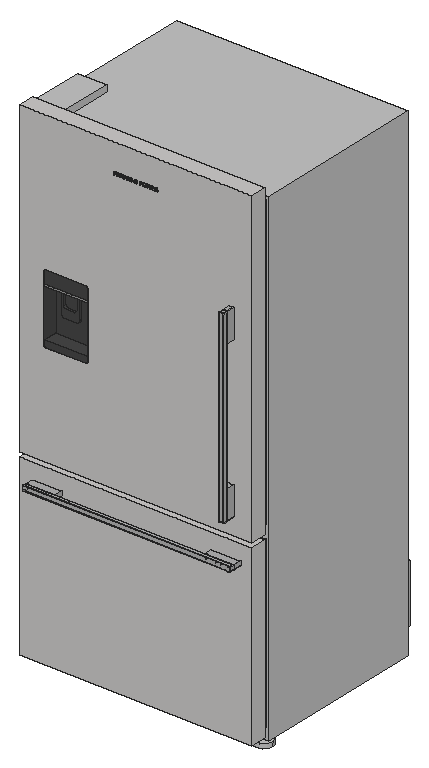
Revit family "FP-Revit18-RF522WDLUX5-Fridges", category Specialty Equipment, Revit 2018
Family settings
  Round Connector Dimension = Use Diameter
  Part Type = Normal
  OmniClass Number = 23.40.40.11.11.17
  OmniClass Title = Refrigerator-Freezer
  Work Plane-Based = No
  Always vertical = Yes
  Cut with Voids When Loaded = Yes
  Shared = No
  Room Calculation Point = No
Parameters (values of type "RF522WDLUX5")
  Visibility - Contemporary square handle = yes
  Visibility - Contemporary round handle = no
  Visibility - Clearance Required = yes
  URL = "www.fisherpaykel.com"
  Product - Width = 790 mm  # constant formula
  Product - Height = 1720 mm  # constant formula
  Product - Depth = 737 mm  # constant formula
  Model = "RF522WDLUX5"
  Material - Logo = Fisher & Paykel - Steel, Chrome Plated
  Material - Handle = Fisher & Paykel - Aluminium
  Material - Door Structure = Fisher & Paykel - White
  Material - Door Front = Fisher & Paykel - Stainless Steel
  Material - Body = Fisher & Paykel - Grey
  Manufacturer = "Fisher & Paykel Appliances"
  Description = "79cm Freestanding Refrigerator with Bottom Freezer, Ice & Water"
  Connector Description - Water = "Ø6mm (1/4”) quick connect, Max Supply Pressure 120psi (827kPa)"
  Connector Description - Electrical = "230 V, 50 Hz"
  Chassis - Width = 790 mm  # constant formula
  Chassis - Height = 1662 mm  # constant formula
  Chassis - Depth = 625 mm  # constant formula
  Cavity - Width = 830 mm  # constant formula
  Cavity - Height = 1735 mm  # constant formula
  Cavity - Depth = 625 mm  # constant formula
Reference planes
  plane 1 "Datum": y = 0
  plane 2: z = 0
  plane 3 "Center (Left/Right)": x = 0
  plane 4 "Product LHS": x = -395
  plane 5 "Product RHS": x = 395
  plane 6 "Product - Depth": y = 625
  plane 7 "Cavity LHS": x = -415
  plane 8 "Cavity RHS": x = 415
  plane 9 "Cavity - Depth": y = 625
  plane 10 "Product Height": z = 1720
  plane 11 "Cavity Height": z = 1735
  plane 12 "Door Panel Front": y = -70
Forms (mm)
  Extrusion 1, solid, material "Fisher & Paykel - Grey" <- "Material - Body"
    sketch origin (0, 0, 0) x (0, 1, 0) y (0, 0, 1)
      loop
        line (0, 24) -> (595, 24) -> (595, 1686) -> (0, 1686) -> (0, 24)
    from -395 to 395
  Extrusion 2, solid, material "Fisher & Paykel - Grey" <- "Material - Body"
    sketch origin (0, 0, 0) x (1, 0, 0) y (0, 1, 0)
      loop
        circle (-365, 18.6) r 4.9
      loop
        circle (365, 18.6) r 4.9
    from 14 to 24
  Extrusion 3, solid, material "Fisher & Paykel - Grey" <- "Material - Body"
    sketch origin (0, 0, 0) x (1, 0, 0) y (0, 1, 0)
      loop
        circle (-365, 18.6) r 30
      loop
        circle (365, 18.6) r 30
    from 0 to 14
  Extrusion 4, solid, material "Fisher & Paykel - Grey" <- "Material - Body"
    sketch origin (0, 0, 0) x (1, 0, 0) y (0, 0, 1)
      loop
        circle (355.042, 69) r 5
      loop
        circle (305.042, 69) r 5
    from -615 to -595
  Extrusion 5, solid, material "Fisher & Paykel - White" <- "Material - Door Structure"
    sketch origin (0, 0, 0) x (1, 0, 0) y (0, 1, 0)
      loop
        line (-387, 0) -> (-387, -15) -> (387, -15) -> (387, 0) -> (-387, 0)
    from 682 to 1675
  Extrusion 6, solid, material "Fisher & Paykel - Stainless Steel" <- "Material - Door Front"
    sketch origin (0, 0, 0) x (1, 0, 0) y (0, 1, 0)
      loop
        line (-395, -15) -> (-395, -70) -> (395, -70) -> (395, -15) -> (-395, -15)
    from 660 to 1720
  Extrusion 7, solid, material "Fisher & Paykel - Clearance Required", visible <- "Visibility - Clearance Required", detail levels coarse
    sketch origin (0, 0, 0) x (1, 0, 0) y (0, 1, 0)
      loop
        line (-415, 625) -> (-415, 0) -> (-530, 0) -> (-530, -70) -> (415, -70) -> (415, 625) -> (-415, 625)
    from 0 to 1735
  Extrusion 8, void
    sketch origin (0, 0, 0) x (1, 0, 0) y (0, 1, 0)
      loop
        line (-415, 625) -> (-415, 0) -> (-530, 0) -> (-530, -70) -> (415, -70) -> (415, 625) -> (-415, 625)
    from 0 to 1735
  Extrusion 9, solid, material "Fisher & Paykel - Stainless Steel" <- "Material - Door Front"
    sketch origin (0, 0, 0) x (1, 0, 0) y (0, 1, 0)
      loop
        line (-395, -15) -> (-395, -70) -> (395, -70) -> (395, -15) -> (-395, -15)
    from 40 to 646
  Extrusion 10, solid, material "Fisher & Paykel - White" <- "Material - Door Structure"
    sketch origin (0, 0, 0) x (1, 0, 0) y (0, 1, 0)
      loop
        line (-387, 0) -> (-387, -15) -> (387, -15) -> (387, 0) -> (-387, 0)
    from 62 to 638
  Extrusion 11, solid, material "Fisher & Paykel - Grey" <- "Material - Body"
    sketch origin (229.237, 0, 0) x (0, 1, 0) y (0, 0, 1)
      loop
        line (595, 324) -> (595, 94) -> (625, 94) -> (625, 294) -> (595, 324)
    from -604.237 to 145.763
  Extrusion 12, solid, material "Fisher & Paykel - Grey" <- "Material - Body"
    sketch origin (0, 0, 0) x (0, 1, 0) y (0, 0, 1)
      loop
        line (595, 94) -> (595, 24) -> (625, 24) -> (625, 94) -> (595, 94)
    from -375 to 280
  Extrusion 13, solid, material "Fisher & Paykel - Grey" <- "Material - Body", detail levels fine
    sketch origin (0, 0, -4) x (0, 1, 0) y (0, 0, -1)
      loop
        line (62.091, -28) -> (112.909, -28)
        arc (112.909, -28) -> (87.5, -4) -> (62.091, -28) r 25.45
      loop
        line (503.639, -28) -> (554.456, -28)
        arc (554.456, -28) -> (529.047, -4) -> (503.639, -28) r 25.45
    from 345 to 362
  Extrusion 14, solid, material "Fisher & Paykel - Grey" <- "Material - Body"
    sketch origin (0, 0, 0) x (1, 0, 0) y (0, 1, 0)
      loop
        line (-296.4, 174) -> (-395, 174) -> (-395, -15) -> (-296.4, -15) -> (-296.4, 174)
    from 1686 to 1708
  Extrusion 15, solid, material "Fisher & Paykel - Clearance Required", visible <- "Visibility - Clearance Required", detail levels coarse
    sketch origin (0, 0, 0) x (1, 0, 0) y (0, 1, 0)
      loop
        line (-460.698, -70) -> (-917.346, -479.069) -> (-945.37, -447.786) -> (-956.777, -458.004) -> (-928.753, -489.287) -> (-975.827, -531.456)
        arc (-975.827, -531.456) -> (-135.432, -761.124) -> (395, -70) r 781.226
        line (395, -70) -> (-460.698, -70)
    from 660 to 1720
  Extrusion 16, void
    sketch origin (-955, 0, 0) x (1, 0, 0) y (0, 0, 1)
      loop
        arc (647.5, 1245.6) -> (641.843, 1243.257) -> (639.5, 1237.6) r 8
        line (639.5, 1237.6) -> (639.5, 1018)
        arc (639.5, 1018) -> (641.843, 1012.343) -> (647.5, 1010) r 8
        line (647.5, 1010) -> (782, 1010)
        arc (782, 1010) -> (787.657, 1012.343) -> (790, 1018) r 8
        line (790, 1018) -> (790, 1237.6)
        arc (790, 1237.6) -> (787.657, 1243.257) -> (782, 1245.6) r 8
        line (782, 1245.6) -> (647.5, 1245.6)
    from 15 to 70
  Extrusion 17, solid, material "Fisher & Paykel - Grey" <- "Material - Body", detail levels fine
    sketch origin (0, 0, -4) x (0, 1, 0) y (0, 0, 1)
      loop
        arc (62.091, 28) -> (87.5, 4) -> (112.909, 28) r 25.45
        line (112.909, 28) -> (62.091, 28)
      loop
        arc (503.639, 28) -> (529.047, 4) -> (554.456, 28) r 25.45
        line (554.456, 28) -> (503.639, 28)
    from 345 to 362
  Extrusion 18, solid, material "Fisher & Paykel - Clearance Required", visible <- "Visibility - Clearance Required", detail levels coarse
    sketch origin (0, 0, 0) x (0, 1, 0) y (0, 0, 1)
      loop
        line (-70, 646) -> (-445, 646) -> (-445, 590.956) -> (-487, 590.956) -> (-487, 574.956) -> (-445, 574.956) -> (-445, 40) -> (-70, 40) -> (-70, 646)
    from -415 to 415
  Extrusion 19, solid, material "Fisher & Paykel - Steel, Chrome Plated" <- "Material - Logo", detail levels fine
    sketch origin (-0.005, -70, 1620.016) x (1, 0, 0) y (0, 0, 1)
      loop
        line (-74.994, 0) -> (-72.633, 0) -> (-72.633, 3.207) -> (-68.944, 3.207) -> (-68.944, 5.208) -> (-72.633, 5.208) -> (-72.633, 7.068) -> (-68.62, 7.068) -> (-68.62, 9.06) -> (-74.994, 9.06) -> (-74.994, 0)
      loop
        line (-64.134, 9.06) -> (-64.134, 0) -> (-61.773, 0) -> (-61.773, 9.06) -> (-64.134, 9.06)
      loop
        line (-46.015, 9.06) -> (-46.015, 0) -> (-43.654, 0) -> (-43.654, 3.63) -> (-40.187, 3.63) -> (-40.187, 0) -> (-37.826, 0) -> (-37.826, 9.06) -> (-40.187, 9.06) -> (-40.187, 5.622) -> (-43.654, 5.622) -> (-43.654, 9.06) -> (-46.015, 9.06)
      loop
        line (-32.787, 9.06) -> (-32.787, 0) -> (-26.332, 0) -> (-26.332, 1.992) -> (-30.448, 1.992) -> (-30.448, 3.63) -> (-26.686, 3.63) -> (-26.686, 5.622) -> (-30.448, 5.622) -> (-30.448, 7.068) -> (-26.332, 7.068) -> (-26.332, 9.06) -> (-32.787, 9.06)
      loop
        line (68.572, 9.06) -> (68.572, 0) -> (75.006, 0) -> (75.006, 1.992) -> (70.933, 1.992) -> (70.933, 9.06) -> (68.572, 9.06)
      loop
        line (63.719, 9.06) -> (57.241, 9.06) -> (57.241, 0) -> (63.719, 0) -> (63.719, 1.992) -> (59.602, 1.992) -> (59.602, 3.63) -> (63.364, 3.63) -> (63.364, 5.622) -> (59.602, 5.622) -> (59.602, 7.068) -> (63.719, 7.068) -> (63.719, 9.06)
      loop
        line (50.248, 4.722) -> (53.597, 9.06) -> (50.837, 9.06) -> (47.945, 5.313) -> (47.945, 9.06) -> (45.585, 9.06) -> (45.585, 0) -> (47.945, 0) -> (47.945, 4.058) -> (50.926, 0) -> (53.716, 0) -> (50.248, 4.722)
      loop
        line (33.043, 9.06) -> (36.466, 3.63) -> (36.466, 0) -> (38.827, 0) -> (38.827, 3.511) -> (42.25, 9.06) -> (39.742, 9.06) -> (37.721, 5.561) -> (35.701, 9.06) -> (33.043, 9.06)
      loop
        line (27.79, 9.06) -> (25.547, 9.06) -> (21.858, 0) -> (24.175, 0) -> (24.824, 1.668) -> (28.454, 1.668) -> (29.103, 0) -> (31.479, 0) -> (27.79, 9.06)
      loop
        line (27.671, 3.659) -> (26.612, 6.261) -> (25.599, 3.659) -> (27.671, 3.659)
      loop
        line (12.119, 9.06) -> (12.119, 0) -> (14.48, 0) -> (14.48, 2.907) -> (15.971, 2.907)
        arc (15.971, 2.907) -> (19.048, 5.983) -> (15.971, 9.06) r 3.077
        line (15.971, 9.06) -> (12.119, 9.06)
      loop
        line (14.48, 7.068) -> (14.48, 4.796) -> (15.824, 4.796)
        arc (15.824, 4.796) -> (16.96, 5.932) -> (15.824, 7.068) r 1.136
        line (15.824, 7.068) -> (14.48, 7.068)
      loop
        line (-17.602, 9.06) -> (-21.477, 9.06) -> (-21.477, 0) -> (-19.116, 0) -> (-19.116, 2.522) -> (-18.311, 2.522) -> (-16.387, 0) -> (-13.657, 0) -> (-15.969, 2.959)
        arc (-15.969, 2.959) -> (-14.445, 6.636) -> (-17.602, 9.06) r 3.269
      loop
        line (-17.774, 7.068) -> (-19.116, 7.068) -> (-19.116, 4.579) -> (-17.774, 4.579)
        arc (-17.774, 4.579) -> (-16.529, 5.823) -> (-17.774, 7.068) r 1.244
      loop
        line (0.788, 7.068) -> (0.788, 9.229) -> (-5.291, 9.229) -> (-5.291, 7.276) -> (-4.389, 6.167)
        arc (-4.389, 6.167) -> (-5.193, 1.025) -> (0.005, 0.768) r 3.5
        line (0.005, 0.768) -> (0.63, 0) -> (3.308, 0) -> (1.362, 2.391) -> (3.12, 4.924) -> (0.694, 4.924) -> (0.053, 4) -> (-2.443, 7.068) -> (0.788, 7.068)
      loop
        arc (-3.116, 4.603) -> (-3.331, 2.502) -> (-1.23, 2.286) r 1.493
        line (-1.23, 2.286) -> (-3.116, 4.603)
      loop
        line (-52.698, 5.451) -> (-54.701, 5.866)
        arc (-54.701, 5.866) -> (-55.501, 6.665) -> (-54.701, 7.465) r 0.799
        arc (-54.701, 7.465) -> (-52.78, 7.185) -> (-51.017, 6.371) r 6.757
        line (-51.017, 6.371) -> (-51.017, 8.615)
        arc (-51.017, 8.615) -> (-53.252, 9.269) -> (-55.578, 9.164) r 7.089
        arc (-55.578, 9.164) -> (-57.732, 6.502) -> (-55.578, 3.841) r 2.721
        line (-55.578, 3.841) -> (-53.559, 3.423)
        arc (-53.559, 3.423) -> (-52.76, 2.623) -> (-53.559, 1.824) r 0.799
        arc (-53.559, 1.824) -> (-55.481, 2.103) -> (-57.244, 2.917) r 6.757
        line (-57.244, 2.917) -> (-57.244, 0.674)
        arc (-57.244, 0.674) -> (-55.009, 0.02) -> (-52.682, 0.125) r 7.089
        arc (-52.682, 0.125) -> (-50.529, 2.795) -> (-52.698, 5.451) r 2.721
    from 0 to 0.8
Cuts and joins
  joined: Extrusion 11, Extrusion 12
  Extrusion 16 cuts Extrusion 6
Text (mm)
  text "Due to ongoing product development, product details are subject to change without notice. \nPlease always refer to www.fisherpaykel.com for the most current product information. \n© Fisher & Paykel 2020" at (41.04, -848.295, 0), in view "Ref. Level (Plan)"
Dimensions and locks
  equal spacing: plane 4 "Product LHS", plane 3 "Center (Left/Right)", plane 5 "Product RHS"
  "Product - Width": plane 4 "Product LHS" to plane 5 "Product RHS"
  "Cavity - Depth": plane 1 "Datum" to plane 6 "Product - Depth"
  equal spacing: plane 7 "Cavity LHS", plane 3 "Center (Left/Right)", plane 8 "Cavity RHS"
  "Cavity - Width": plane 7 "Cavity LHS" to plane 8 "Cavity RHS"
  "Chassis - Depth": plane 9 "Cavity - Depth" to plane 1 "Datum"
  Extrusion 4 sketch curve to plane 5 "Product RHS" = 39.958 mm
  locked: Extrusion 3 to level at 14
  "Product - Height": level to plane 10 "Product Height"
  Extrusion 1 sketch curve to plane 10 "Product Height" = 34 mm
  "Cavity - Height": plane 11 "Cavity Height" to level
  "Chassis - Depth": plane 1 "Datum" to plane 9 "Cavity - Depth"
  plane 3 "Center (Left/Right)" to Extrusion 16 sketch curve = 165 mm
  Extrusion 16 sketch curve to Extrusion 16 sketch curve = 235.6 mm
  Extrusion 16 sketch curve to level = 1010 mm
  Extrusion 16 sketch curve to Extrusion 16 sketch curve = 150.5 mm
  locked: Extrusion 9 to Extrusion 1 at 16
  Extrusion 9 to Extrusion 1 = 622 mm
  locked: cut or joined group of Extrusion 6, Extrusion 16 to Extrusion 1 at 636
  locked: cut or joined group of Extrusion 6, Extrusion 16 to Extrusion 1 at 1221.6
  locked: Extrusion 1 to Extrusion 10 at 38
  locked: Extrusion 1 to Extrusion 5 at 1651
  locked: Extrusion 14 to Extrusion 1 at 22
  "Chassis - Height": Extrusion 1 to Extrusion 1
  locked: Extrusion 13 sketch curve to Extrusion 1 at 24  (x2)
  Extrusion 1 to Extrusion 4 = 45 mm  (x2)
  locked: Extrusion 1 to cut or joined group of Extrusion 11, Extrusion 12 at 70
  locked: Extrusion 4 sketch curve to Extrusion 1 at 40  (x2)
  locked: Extrusion 1 to nested 2 at 566.956
  locked: nested 3 to Extrusion 1 at 1333
  locked: Extrusion 13 to Extrusion 1 at 24  (x2)
  "Chassis - Width": Extrusion 1 to Extrusion 1
  "Product - Depth": plane 6 "Product - Depth" to nested 3
  locked: Extrusion 9 to level at 646
  aligned and locked: level to plane 2
  aligned and locked: Extrusion 1 to plane 5 "Product RHS"
  aligned and locked: plane 4 "Product LHS" to Extrusion 1
  aligned and locked: Extrusion 6 sketch curve to plane 4 "Product LHS"
  aligned and locked: plane 5 "Product RHS" to Extrusion 6 sketch curve
  aligned and locked: Extrusion 1 sketch curve to plane 1 "Datum"
  aligned and locked: Extrusion 12 sketch curve to plane 6 "Product - Depth"
  aligned and locked: Extrusion 4 to Extrusion 1
  aligned and locked: Extrusion 14 to Extrusion 1
  aligned and locked: Extrusion 8 sketch curve to plane 1 "Datum"
  aligned and locked: Extrusion 8 to plane 11 "Cavity Height"
  aligned and locked: Extrusion 6 to plane 10 "Product Height"
  aligned and locked: Extrusion 2 to Extrusion 1
  aligned and locked: Extrusion 13 sketch curve to Extrusion 13 sketch curve
  aligned and locked: Extrusion 13 sketch curve to Extrusion 1
  aligned and locked: Extrusion 17 sketch curve to Extrusion 17 sketch curve
  aligned and locked: Extrusion 1 to Extrusion 12
  aligned and locked: Extrusion 12 to Extrusion 11
  aligned and locked: Extrusion 7 to plane 11 "Cavity Height"
  aligned and locked: Extrusion 1 to Extrusion 17 sketch curve
  aligned and locked: Extrusion 15 to cut or joined group of Extrusion 6, Extrusion 16
  aligned and locked: Extrusion 9 to Extrusion 18
  aligned and locked: Extrusion 15 to plane 10 "Product Height"
Automatic sketch dimensions
  Extrusion 1 sketch curve to plane 6 "Product - Depth" = 30 mm
  level to Extrusion 1 sketch curve = 24 mm
  Extrusion 2 sketch curve to plane 4 "Product LHS" = 30 mm
  plane 5 "Product RHS" to Extrusion 2 sketch curve = 30 mm
  Extrusion 2 sketch curve to plane 1 "Datum" = 18.6 mm  (x2)
  Extrusion 3 sketch curve to plane 4 "Product LHS" = 30 mm
  plane 5 "Product RHS" to Extrusion 3 sketch curve = 30 mm
  Extrusion 3 sketch curve to plane 1 "Datum" = 18.6 mm  (x2)
  Extrusion 4 sketch curve to Extrusion 4 sketch curve = 50 mm
  Extrusion 4 sketch curve to Extrusion 4 sketch curve = 0 mm
  plane 1 "Datum" to Extrusion 5 sketch curve = 0 mm
  Extrusion 5 sketch curve to plane 4 "Product LHS" = 8 mm
  plane 5 "Product RHS" to Extrusion 5 sketch curve = 8 mm
  plane 1 "Datum" to Extrusion 5 sketch curve = 15 mm
  plane 1 "Datum" to Extrusion 6 sketch curve = 70 mm
  plane 1 "Datum" to Extrusion 6 sketch curve = 15 mm
  plane 1 "Datum" to Extrusion 7 sketch curve = 0 mm
  Extrusion 7 sketch curve to plane 6 "Product - Depth" = 0 mm
  Extrusion 7 sketch curve to plane 7 "Cavity LHS" = 0 mm
  Extrusion 7 sketch curve to plane 8 "Cavity RHS" = 0 mm
  plane 7 "Cavity LHS" to Extrusion 7 sketch curve = 115 mm
  plane 1 "Datum" to Extrusion 7 sketch curve = 70 mm
  Extrusion 8 sketch curve to plane 6 "Product - Depth" = 0 mm
  Extrusion 8 sketch curve to plane 7 "Cavity LHS" = 0 mm
  Extrusion 8 sketch curve to plane 8 "Cavity RHS" = 0 mm
  plane 7 "Cavity LHS" to Extrusion 8 sketch curve = 115 mm
  plane 1 "Datum" to Extrusion 8 sketch curve = 70 mm
  Extrusion 9 sketch curve to plane 4 "Product LHS" = 0 mm
  Extrusion 9 sketch curve to plane 5 "Product RHS" = 0 mm
  plane 1 "Datum" to Extrusion 9 sketch curve = 70 mm
  plane 1 "Datum" to Extrusion 9 sketch curve = 15 mm
  plane 1 "Datum" to Extrusion 10 sketch curve = 0 mm
  Extrusion 10 sketch curve to plane 4 "Product LHS" = 8 mm
  plane 5 "Product RHS" to Extrusion 10 sketch curve = 8 mm
  plane 1 "Datum" to Extrusion 10 sketch curve = 15 mm
  Extrusion 11 sketch curve to plane 6 "Product - Depth" = 0 mm
  Extrusion 11 sketch curve to plane 6 "Product - Depth" = 30 mm
  level to Extrusion 11 sketch curve = 94 mm
  Extrusion 11 sketch curve to Extrusion 11 sketch curve = 200 mm
  Extrusion 11 sketch curve to Extrusion 11 sketch curve = 30 mm
  Extrusion 12 sketch curve to Extrusion 12 sketch curve = 30 mm
  level to Extrusion 12 sketch curve = 24 mm
  Extrusion 12 sketch curve to Extrusion 12 sketch curve = 70 mm
  Extrusion 13 sketch curve to plane 1 "Datum" = 62.091 mm
  Extrusion 13 sketch curve to Extrusion 13 sketch curve = 25.409 mm  (x2)
  Extrusion 13 sketch curve to plane 6 "Product - Depth" = 121.361 mm
  Extrusion 14 sketch curve to plane 4 "Product LHS" = 0 mm
  plane 1 "Datum" to Extrusion 14 sketch curve = 15 mm
  Extrusion 14 sketch curve to Extrusion 14 sketch curve = 98.6 mm
  Extrusion 14 sketch curve to plane 1 "Datum" = 174 mm
  Extrusion 16 sketch curve to Extrusion 16 sketch curve = 8 mm  (x4)
  Extrusion 17 sketch curve to plane 1 "Datum" = 62.091 mm
  Extrusion 17 sketch curve to Extrusion 17 sketch curve = 25.409 mm  (x2)
  Extrusion 17 sketch curve to plane 6 "Product - Depth" = 121.361 mm
  Extrusion 17 sketch curve to Extrusion 17 sketch curve = 1.45 mm  (x2)
  plane 1 "Datum" to Extrusion 18 sketch curve = 487 mm
  Extrusion 18 sketch curve to Extrusion 18 sketch curve = 42 mm
  level to Extrusion 18 sketch curve = 40 mm
  plane 1 "Datum" to Extrusion 18 sketch curve = 445 mm
  plane 1 "Datum" to Extrusion 18 sketch curve = 70 mm
  Extrusion 18 sketch curve to Extrusion 18 sketch curve = 534.956 mm
  Extrusion 18 sketch curve to Extrusion 18 sketch curve = 16 mm
  Extrusion 18 sketch curve to Extrusion 18 sketch curve = 55.044 mm
  plane 7 "Cavity LHS" to Extrusion 15 sketch curve = 45.698 mm
  Extrusion 15 sketch curve to plane 4 "Product LHS" = 10.329 mm
  Extrusion 15 sketch curve to plane 5 "Product RHS" = 0 mm
  plane 1 "Datum" to Extrusion 15 sketch curve = 531.456 mm
  plane 1 "Datum" to Extrusion 15 sketch curve = 70 mm
  Extrusion 15 sketch curve to Extrusion 15 sketch curve = 30.457 mm
  Extrusion 15 sketch curve to Extrusion 15 sketch curve = 11.406 mm
  plane 1 "Datum" to Extrusion 15 sketch curve = 489.287 mm
  plane 1 "Datum" to Extrusion 15 sketch curve = 479.069 mm
  Extrusion 15 sketch curve to Extrusion 15 sketch curve = 456.649 mm
  Extrusion 19 sketch curve to plane 7 "Cavity LHS" = 340.001 mm
  Extrusion 19 sketch curve to Extrusion 19 sketch curve = 2.361 mm  (x13)
  Extrusion 19 sketch curve to Extrusion 19 sketch curve = 3.689 mm
  Extrusion 19 sketch curve to Extrusion 19 sketch curve = 0.324 mm
  Extrusion 19 sketch curve to Extrusion 19 sketch curve = 4.486 mm
  Extrusion 19 sketch curve to Extrusion 19 sketch curve = 4.53 mm
  Extrusion 19 sketch curve to Extrusion 19 sketch curve = 1.665 mm
  Extrusion 19 sketch curve to Extrusion 19 sketch curve = 0.568 mm
  Extrusion 19 sketch curve to Extrusion 19 sketch curve = 0.309 mm  (x2)
  Extrusion 19 sketch curve to Extrusion 19 sketch curve = 0.54 mm
  Extrusion 19 sketch curve to Extrusion 19 sketch curve = 0.602 mm
  Extrusion 19 sketch curve to Extrusion 19 sketch curve = 1.142 mm
  Extrusion 19 sketch curve to Extrusion 19 sketch curve = 0 mm  (x20)
  Extrusion 19 sketch curve to Extrusion 19 sketch curve = 2.003 mm
  Extrusion 19 sketch curve to Extrusion 19 sketch curve = 2.542 mm
  Extrusion 19 sketch curve to Extrusion 19 sketch curve = 7.235 mm
  Extrusion 19 sketch curve to Extrusion 19 sketch curve = 3.468 mm  (x2)
  Extrusion 19 sketch curve to Extrusion 19 sketch curve = 5.039 mm
  Extrusion 19 sketch curve to Extrusion 19 sketch curve = 2.339 mm  (x2)
  Extrusion 19 sketch curve to Extrusion 19 sketch curve = 3.763 mm  (x2)
  Extrusion 19 sketch curve to Extrusion 19 sketch curve = 0.354 mm  (x4)
  Extrusion 19 sketch curve to Extrusion 19 sketch curve = 4.854 mm
  Extrusion 19 sketch curve to Extrusion 19 sketch curve = 0.805 mm
  Extrusion 19 sketch curve to Extrusion 19 sketch curve = 1.343 mm
  Extrusion 19 sketch curve to Extrusion 19 sketch curve = 0.172 mm
  Extrusion 19 sketch curve to Extrusion 19 sketch curve = 2.73 mm  (x2)
  Extrusion 19 sketch curve to Extrusion 19 sketch curve = 2.343 mm
  Extrusion 19 sketch curve to Extrusion 19 sketch curve = 8.366 mm
  Extrusion 19 sketch curve to Extrusion 19 sketch curve = 0.902 mm
  Extrusion 19 sketch curve to Extrusion 19 sketch curve = 1.273 mm
  Extrusion 19 sketch curve to Extrusion 19 sketch curve = 0.638 mm
  Extrusion 19 sketch curve to Extrusion 19 sketch curve = 1.946 mm
  Extrusion 19 sketch curve to Extrusion 19 sketch curve = 0.305 mm
  Extrusion 19 sketch curve to Extrusion 19 sketch curve = 0.943 mm
  Extrusion 19 sketch curve to Extrusion 19 sketch curve = 1.235 mm
  Extrusion 19 sketch curve to Extrusion 19 sketch curve = 1.283 mm
  Extrusion 19 sketch curve to Extrusion 19 sketch curve = 0.625 mm
  Extrusion 19 sketch curve to Extrusion 19 sketch curve = 0.641 mm
  Extrusion 19 sketch curve to Extrusion 19 sketch curve = 3.232 mm
  Extrusion 19 sketch curve to Extrusion 19 sketch curve = 1.309 mm
  Extrusion 19 sketch curve to Extrusion 19 sketch curve = 2.426 mm
  Extrusion 19 sketch curve to Extrusion 19 sketch curve = 2.678 mm
  Extrusion 19 sketch curve to Extrusion 19 sketch curve = 8.999 mm
  Extrusion 19 sketch curve to Extrusion 19 sketch curve = 1.344 mm
  Extrusion 19 sketch curve to Extrusion 19 sketch curve = 0.147 mm
  Extrusion 19 sketch curve to Extrusion 19 sketch curve = 5.887 mm
  Extrusion 19 sketch curve to Extrusion 19 sketch curve = 2.317 mm
  Extrusion 19 sketch curve to Extrusion 19 sketch curve = 0.649 mm  (x2)
  Extrusion 19 sketch curve to Extrusion 19 sketch curve = 0.723 mm
  Extrusion 19 sketch curve to Extrusion 19 sketch curve = 0.775 mm
  Extrusion 19 sketch curve to Extrusion 19 sketch curve = 1.013 mm
  Extrusion 19 sketch curve to Extrusion 19 sketch curve = 2.072 mm
  Extrusion 19 sketch curve to Extrusion 19 sketch curve = 2.243 mm  (x3)
  Extrusion 19 sketch curve to Extrusion 19 sketch curve = 0.782 mm
  Extrusion 19 sketch curve to Extrusion 19 sketch curve = 2.376 mm
  Extrusion 19 sketch curve to Extrusion 19 sketch curve = 5.252 mm
  Extrusion 19 sketch curve to Extrusion 19 sketch curve = 2.658 mm
  Extrusion 19 sketch curve to Extrusion 19 sketch curve = 0.765 mm
  Extrusion 19 sketch curve to Extrusion 19 sketch curve = 1.255 mm  (x2)
  Extrusion 19 sketch curve to Extrusion 19 sketch curve = 4.041 mm
  Extrusion 19 sketch curve to Extrusion 19 sketch curve = 2.509 mm
  Extrusion 19 sketch curve to Extrusion 19 sketch curve = 3.334 mm
  Extrusion 19 sketch curve to Extrusion 19 sketch curve = 2.303 mm
  Extrusion 19 sketch curve to Extrusion 19 sketch curve = 2.892 mm
  Extrusion 19 sketch curve to Extrusion 19 sketch curve = 2.981 mm
  Extrusion 19 sketch curve to Extrusion 19 sketch curve = 2.759 mm
  Extrusion 19 sketch curve to Extrusion 19 sketch curve = 2.79 mm
  Extrusion 19 sketch curve to Extrusion 19 sketch curve = 3.644 mm
  Extrusion 19 sketch curve to Extrusion 19 sketch curve = 4.853 mm
  Extrusion 19 sketch curve to Extrusion 19 sketch curve = 4.073 mm
  level to Extrusion 19 sketch curve = 1620.016 mm
  Extrusion 19 sketch curve to Extrusion 19 sketch curve = 0.674 mm
  Extrusion 19 sketch curve to Extrusion 19 sketch curve = 0.034 mm
  Extrusion 19 sketch curve to Extrusion 19 sketch curve = 0.768 mm
  Extrusion 19 sketch curve to Extrusion 19 sketch curve = 1.668 mm
  Extrusion 19 sketch curve to Extrusion 19 sketch curve = 1.992 mm  (x10)
  Extrusion 19 sketch curve to Extrusion 19 sketch curve = 1.523 mm
  Extrusion 19 sketch curve to Extrusion 19 sketch curve = 1.518 mm
  Extrusion 19 sketch curve to Extrusion 19 sketch curve = 1.624 mm
  Extrusion 19 sketch curve to Extrusion 19 sketch curve = 2.522 mm
  Extrusion 19 sketch curve to Extrusion 19 sketch curve = 0.393 mm  (x2)
  Extrusion 19 sketch curve to Extrusion 19 sketch curve = 0.163 mm  (x2)
  Extrusion 19 sketch curve to Extrusion 19 sketch curve = 2.907 mm
  Extrusion 19 sketch curve to Extrusion 19 sketch curve = 0.437 mm
  Extrusion 19 sketch curve to Extrusion 19 sketch curve = 3.207 mm
  Extrusion 19 sketch curve to Extrusion 19 sketch curve = 0.949 mm
  Extrusion 19 sketch curve to Extrusion 19 sketch curve = 0.637 mm  (x2)
  Extrusion 19 sketch curve to Extrusion 19 sketch curve = 0.21 mm
  Extrusion 19 sketch curve to Extrusion 19 sketch curve = 3.511 mm
  Extrusion 19 sketch curve to Extrusion 19 sketch curve = 3.63 mm
  Extrusion 19 sketch curve to Extrusion 19 sketch curve = 1.638 mm  (x2)
  Extrusion 19 sketch curve to Extrusion 19 sketch curve = 0.118 mm
  Extrusion 19 sketch curve to Extrusion 19 sketch curve = 0.924 mm  (x2)
  Extrusion 19 sketch curve to Extrusion 19 sketch curve = 1.609 mm
  Extrusion 19 sketch curve to Extrusion 19 sketch curve = 4.058 mm
  Extrusion 19 sketch curve to Extrusion 19 sketch curve = 2.057 mm
  Extrusion 19 sketch curve to Extrusion 19 sketch curve = 0.664 mm
  Extrusion 19 sketch curve to Extrusion 19 sketch curve = 1.889 mm
  Extrusion 19 sketch curve to Extrusion 19 sketch curve = 2.002 mm
  Extrusion 19 sketch curve to Extrusion 19 sketch curve = 2.028 mm
  Extrusion 19 sketch curve to Extrusion 19 sketch curve = 1.931 mm
  Extrusion 19 sketch curve to Extrusion 19 sketch curve = 1.212 mm
  Extrusion 19 sketch curve to Extrusion 19 sketch curve = 0.032 mm
  Extrusion 19 sketch curve to Extrusion 19 sketch curve = 0.415 mm
  Extrusion 19 sketch curve to Extrusion 19 sketch curve = 1.136 mm
  Extrusion 19 sketch curve to Extrusion 19 sketch curve = 0.052 mm
  Extrusion 19 sketch curve to Extrusion 19 sketch curve = 2.602 mm
  Extrusion 19 sketch curve to Extrusion 19 sketch curve = 0.92 mm
  Extrusion 19 sketch curve to Extrusion 19 sketch curve = 0.9 mm
  Extrusion 19 sketch curve to Extrusion 19 sketch curve = 1.446 mm  (x2)
  Extrusion 19 sketch curve to Extrusion 19 sketch curve = 1.859 mm
  Extrusion 19 sketch curve to Extrusion 19 sketch curve = 1.109 mm
  Extrusion 19 sketch curve to Extrusion 19 sketch curve = 1.116 mm
  Extrusion 19 sketch curve to Extrusion 19 sketch curve = 3.499 mm  (x2)
  Extrusion 19 sketch curve to Extrusion 19 sketch curve = 3.438 mm  (x2)
  Extrusion 19 sketch curve to Extrusion 19 sketch curve = 7.068 mm
  Extrusion 19 sketch curve to Extrusion 19 sketch curve = 0.104 mm
  Extrusion 19 sketch curve to Extrusion 19 sketch curve = 2.799 mm
  Extrusion 19 sketch curve to Extrusion 19 sketch curve = 4.338 mm
  Extrusion 19 sketch curve to Extrusion 19 sketch curve = 1.953 mm
  radius of Extrusion 2 sketch curve = 4.9 mm  (x2)
  radius of Extrusion 3 sketch curve = 30 mm  (x2)
  radius of Extrusion 4 sketch curve = 5 mm
Nested families
  nested 1: "F&P Water Dispenser" at (-240.25, -70, 1010), type "F&P Water Dispenser"
  nested 2: "F&P Handle Contemporary Square - Horizontal" at (0, -70, 582.978), visible <- "Visibility - Contemporary square handle", type "Contemporary square handle"
  nested 3: "F&P Handle Contemporary Square - Vertical" at (324, -70, 1036), visible <- "Visibility - Contemporary square handle", type "Contemporary square handle"
  nested 4: "F&P Handle Kit - Contemporary Round - Vertical" at (324, -70, 1036), visible <- "Visibility - Contemporary round handle", type "25338 AHS-RF-522W - Contemporary round handle (1 of 2) (Vertical) 642mm"
  nested 5: "F&P Handle Kit - Contemporary Round - Horizontal" at (0, -70, 582.956), visible <- "Visibility - Contemporary round handle", type "25338 AHS-RF-522W - Contemporary round handle (2 of 2) (Horizontal) 710mm"
Connectors
  electrical at (355.042, 615, 69), driven by "Connector Description - Electrical"
    settings: on Extrusion 4, index 2, voltage 230 V, apparent load 0 VA, apparent load phase1 0 VA, apparent load phase2 0 VA, apparent load phase3 0 VA, power factor 1, load classification "Other", number of poles 1, system type 30, power factor state 1, is connector primary yes, connector utility no, sub classification motor no, connector description "230 V, 50 Hz"
  piping at (305.042, 615, 69), diameter 6, driven by "Connector Description - Water"
    settings: on Extrusion 4, index 3, connector inside diameter 609.6 mm, connector length 0 mm, flow factor 0, pipe flow 0.0 L/s, pressure drop 0.0 Pa, fitting loss kfactor 0, connector angle 0.00°, fixture units 0, engagement length 0 mm, angle of deflection 0.00°, flow configuration 0, flow direction 1, fitting loss method 0, system type 20, joint type 0, gender type 0, connector reference index -1, connector utility 1, adjustable connector no, is connector primary yes, connector description "Ø6mm (1/4”) quick connect, Max Supply Pressure 120psi (827kPa)"
Definition of nested family "F&P Water Dispenser"
  Parameters (values of type "F&P Water Dispenser")
    URL = "www.fisherpaykel.com"
    Material - Trim = none
    Material - Body = none
    Manufacturer = "Fisher & Paykel Appliances"
    Connector Description - Water = ""
    Connector Description - Electrical = ""
  Reference planes
    plane 1 "Center (Front/Back)": y = 0
    plane 2: z = 0
    plane 3 "Center (Left/Right)": x = 0
  Forms (mm)
    Extrusion 1, solid, material <- "Material - Body"
      sketch origin (0, 0, 0) x (1, 0, 0) y (0, 0, 1)
        loop
          arc (-67.25, 235.6) -> (-72.907, 233.257) -> (-75.25, 227.6) r 8
          line (-75.25, 227.6) -> (-75.25, 8)
          arc (-75.25, 8) -> (-72.907, 2.343) -> (-67.25, 0) r 8
          line (-67.25, 0) -> (67.25, 0)
          arc (67.25, 0) -> (72.907, 2.343) -> (75.25, 8) r 8
          line (75.25, 8) -> (75.25, 227.609)
          arc (75.25, 227.609) -> (72.909, 233.259) -> (67.259, 235.6) r 7.991
          line (67.259, 235.6) -> (-67.25, 235.6)
        loop
          line (-74.25, 192.6) -> (-74.25, 20) -> (74.25, 20) -> (74.25, 192.6) -> (-74.25, 192.6)
      from -55 to 0
    Extrusion 2, solid, material <- "Material - Trim", detail levels fine
      sketch origin (0, 0, 0) x (1, 0, 0) y (0, 0, 1)
        loop
          line (-74.25, 192.6) -> (-74.25, 187.1) -> (74.25, 187.1) -> (74.25, 192.6) -> (-74.25, 192.6)
      from -55 to 0
    Extrusion 3, solid, material <- "Material - Body"
      sketch origin (0, 0, 0) x (1, 0, 0) y (0, 0, 1)
        loop
          line (-74.25, 187.1) -> (-74.25, 20) -> (74.25, 20) -> (74.25, 187.1) -> (-74.25, 187.1)
      from -55 to -50
    Extrusion 4, solid, material <- "Material - Body", detail levels fine
      sketch origin (0, 0, 0) x (1, 0, 0) y (0, 0, 1)
        loop
          line (-30, 187.1) -> (-30, 105.1)
          arc (-30, 105.1) -> (-27.657, 99.443) -> (-22, 97.1) r 8
          line (-22, 97.1) -> (22, 97.1)
          arc (22, 97.1) -> (27.657, 99.443) -> (30, 105.1) r 8
          line (30, 105.1) -> (30, 187.1) -> (23.5, 187.1) -> (23.5, 134.1)
          arc (23.5, 134.1) -> (21.157, 128.443) -> (15.5, 126.1) r 8
          line (15.5, 126.1) -> (-15.5, 126.1)
          arc (-15.5, 126.1) -> (-21.157, 128.443) -> (-23.5, 134.1) r 8
          line (-23.5, 134.1) -> (-23.5, 187.1) -> (-30, 187.1)
      from -27.6 to -21.6
    Extrusion 5, solid, material <- "Material - Body", detail levels fine
      sketch origin (0, 0, 0) x (1, 0, 0) y (0, 1, 0)
        loop
          circle (0, 24.6) r 7.5
      from 179.1 to 187.1
  Dimensions and locks
    aligned and locked: level to plane 2
Definition of nested family "F&P Handle Contemporary Square - Horizontal"
  Parameters (values of type "Contemporary square handle")
    URL = "www.fisherpaykel.com"
    Material - Handle = none
    Manufacturer = "Fisher & Paykel Appliances"
    Handle - Standoff Length = 100 mm
    Handle - Length = 710 mm
  Reference planes
    plane 1 "Center (Front/Back)": y = 0
    plane 2: z = 0
    plane 3 "Center (Left/Right)": x = 0
    plane 4 "Product LHS": x = -355
    plane 5 "Product RHS": x = 355
    plane 6 "LHS Standoff": x = -255
    plane 7 "RHS Standoff": x = 255
  Forms (mm)
    Extrusion 1, solid, material <- "Material - Handle", detail levels fine
      sketch origin (0, 0, 0) x (0, 1, 0) y (0, 0, 1)
        loop
          arc (-28.701, 7.561) -> (-29.057, 7.868) -> (-29.514, 7.978) r 1
          line (-29.514, 7.978) -> (-40.5, 7.978)
          arc (-40.5, 7.978) -> (-41.561, 7.539) -> (-42, 6.478) r 1.5
          line (-42, 6.478) -> (-42, -6.522)
          arc (-42, -6.522) -> (-41.561, -7.583) -> (-40.5, -8.022) r 1.5
          line (-40.5, -8.022) -> (-29.487, -8.022)
          arc (-29.487, -8.022) -> (-29.029, -7.911) -> (-28.673, -7.602) r 1
          arc (-28.673, -7.602) -> (-26.256, -0.016) -> (-28.701, 7.561) r 13.038
      from -355 to 355
    Extrusion 2, solid, material <- "Material - Handle", detail levels fine
      sketch origin (0, 0, 0) x (0, 1, 0) y (0, 0, 1)
        loop
          arc (-28.23, 7.062) -> (-26.156, 0.008) -> (-28.198, -7.056) r 13.136
          arc (-28.198, -7.056) -> (-28.21, -7.463) -> (-27.86, -7.67) r 0.4
          line (-27.86, -7.67) -> (0, -7.67) -> (0, 7.678) -> (-27.893, 7.678)
          arc (-27.893, 7.678) -> (-28.244, 7.47) -> (-28.23, 7.062) r 0.4
      from 255 to 355
    Extrusion 3, solid, material <- "Material - Handle", detail levels fine
      sketch origin (0, 0, 0) x (0, 1, 0) y (0, 0, -1)
        loop
          arc (-28.23, -7.062) -> (-28.244, -7.47) -> (-27.893, -7.678) r 0.4
          line (-27.893, -7.678) -> (0, -7.678) -> (0, 7.67) -> (-27.86, 7.67)
          arc (-27.86, 7.67) -> (-28.21, 7.463) -> (-28.198, 7.056) r 0.4
          arc (-28.198, 7.056) -> (-26.156, -0.008) -> (-28.23, -7.062) r 13.136
      from 255 to 355
    Sweep 4, void
      path in 3D
        loop
          line (355, -29.514, 7.978) -> (355, -40.5, 7.978)
          arc (355, -40.5, 7.978) -> (355, -41.561, 7.539) -> (355, -42, 6.478) r 1.5
          line (355, -42, 6.478) -> (355, -42, -6.522)
          arc (355, -42, -6.522) -> (355, -41.561, -7.583) -> (355, -40.5, -8.022) r 1.5
          line (355, -40.5, -8.022) -> (355, -29.487, -8.022)
      profile origin (355, -35.007, 7.978) x (1, 0, 0) y (0, 0, 1)
        loop
          line (0, 0) -> (-1.3, 0) -> (0, -1.3) -> (0, 0)
    Sweep 5, void
      path in 3D
        loop
          line (-355, -29.487, -8.022) -> (-355, -40.5, -8.022)
          arc (-355, -40.5, -8.022) -> (-355, -41.561, -7.583) -> (-355, -42, -6.522) r 1.5
          line (-355, -42, -6.522) -> (-355, -42, 6.478)
          arc (-355, -42, 6.478) -> (-355, -41.561, 7.539) -> (-355, -40.5, 7.978) r 1.5
          line (-355, -40.5, 7.978) -> (-355, -29.514, 7.978)
      profile origin (-355, -35.007, 7.978) x (-1, 0, 0) y (0, 0, 1)
        loop
          line (0, 0) -> (-1.3, 0) -> (0, -1.3) -> (0, 0)
    Extrusion 6, void
      sketch origin (0, 0, 0) x (1, 0, 0) y (0, 0, 1)
        loop
          line (355, 7.978) -> (353.7, 7.978) -> (355, 6.678) -> (355, 7.978)
        loop
          line (355, -8.022) -> (355, -6.722) -> (353.7, -8.022) -> (355, -8.022)
      from 0 to 40
    Extrusion 7, void
      sketch origin (0, 0, 0) x (1, 0, 0) y (0, 0, 1)
        loop
          line (-355, 7.978) -> (-355, 6.678) -> (-353.7, 7.978) -> (-355, 7.978)
        loop
          line (-355, -8.022) -> (-353.7, -8.022) -> (-355, -6.722) -> (-355, -8.022)
      from 0 to 40
    Extrusion 8, solid, material <- "Material - Handle", detail levels coarse+medium
      sketch origin (0, 0, 0) x (1, 0, 0) y (0, 1, 0)
        loop
          line (-355, -42) -> (355, -42) -> (355, 0) -> (255, 0) -> (255, -26.156) -> (-255, -26.156) -> (-255, 0) -> (-355, 0) -> (-355, -42)
      from -8.022 to 7.978
  Cuts and joins
    Sweep 4, Sweep 5, Extrusion 6, Extrusion 7 cuts Extrusion 1
    Extrusion 6 cuts Extrusion 2
    Extrusion 7 cuts Extrusion 3
  Lines and regions (mm)
    sketch lines
      curve 1: line (355, -29.514, 7.978) -> (355, -40.5, 7.978)
      curve 2: arc (355, -42, 6.478) -> (355, -41.561, 7.539) -> (355, -40.5, 7.978) r 1.5
      curve 3: line (355, -42, 6.478) -> (355, -42, -6.522)
      curve 4: arc (355, -40.5, -8.022) -> (355, -41.561, -7.583) -> (355, -42, -6.522) r 1.5
      curve 5: line (355, -40.5, -8.022) -> (355, -29.487, -8.022)
      curve 6: line (-355, -40.5, 7.978) -> (-355, -29.514, 7.978)
      curve 7: arc (-355, -40.5, 7.978) -> (-355, -41.561, 7.539) -> (-355, -42, 6.478) r 1.5
      curve 8: line (-355, -42, -6.522) -> (-355, -42, 6.478)
      curve 9: arc (-355, -42, -6.522) -> (-355, -41.561, -7.583) -> (-355, -40.5, -8.022) r 1.5
      curve 10: line (-355, -29.487, -8.022) -> (-355, -40.5, -8.022)
  Dimensions and locks
    equal spacing: plane 4 "Product LHS", plane 3 "Center (Left/Right)", plane 5 "Product RHS"
    "Handle - Length": plane 4 "Product LHS" to plane 5 "Product RHS"
    "Handle - Standoff Length": plane 4 "Product LHS" to plane 6 "LHS Standoff"
    "Handle - Standoff Length": plane 7 "RHS Standoff" to plane 5 "Product RHS"
    aligned and locked: level to plane 2
    aligned and locked: Extrusion 1 to plane 5 "Product RHS"
    aligned and locked: plane 4 "Product LHS" to Extrusion 1
    aligned and locked: Extrusion 2 to plane 5 "Product RHS"
    aligned and locked: plane 4 "Product LHS" to Extrusion 3
    aligned and locked: plane 4 "Product LHS" to Extrusion 8 sketch curve
    aligned and locked: Extrusion 8 sketch curve to plane 5 "Product RHS"
    aligned and locked: Extrusion 8 sketch curve to plane 7 "RHS Standoff"
    aligned and locked: plane 6 "LHS Standoff" to Extrusion 8 sketch curve
    aligned and locked: Extrusion 2 to plane 7 "RHS Standoff"
    aligned and locked: plane 6 "LHS Standoff" to Extrusion 3
  Automatic sketch dimensions
    Extrusion 1 sketch curve to level = 6.522 mm
    plane 1 "Center (Front/Back)" to Extrusion 1 sketch curve = 42 mm
    Extrusion 1 sketch curve to Extrusion 1 sketch curve = 1.5 mm  (x2)
    Extrusion 1 sketch curve to level = 0.04 mm
    Extrusion 1 sketch curve to Extrusion 1 sketch curve = 1.206 mm
    level to Extrusion 1 sketch curve = 6.978 mm
    Extrusion 1 sketch curve to Extrusion 1 sketch curve = 10.986 mm
    Extrusion 1 sketch curve to Extrusion 1 sketch curve = 11.013 mm
    Extrusion 1 sketch curve to Extrusion 1 sketch curve = 1 mm
    level to Extrusion 1 sketch curve = 6.478 mm
    Extrusion 1 sketch curve to Extrusion 1 sketch curve = 0 mm
    Extrusion 2 sketch curve to plane 1 "Center (Front/Back)" = 0 mm
    Extrusion 2 sketch curve to level = 7.67 mm
    Extrusion 2 sketch curve to Extrusion 2 sketch curve = 27.86 mm
    level to Extrusion 2 sketch curve = 7.678 mm
    Extrusion 2 sketch curve to Extrusion 2 sketch curve = 0.033 mm
    Extrusion 2 sketch curve to level = 0.022 mm
    Extrusion 2 sketch curve to Extrusion 2 sketch curve = 11.398 mm
    Extrusion 2 sketch curve to Extrusion 2 sketch curve = 0.4 mm  (x2)
    Extrusion 2 sketch curve to Extrusion 2 sketch curve = 0 mm
    Extrusion 3 sketch curve to plane 1 "Center (Front/Back)" = 0 mm
    Extrusion 3 sketch curve to level = 7.67 mm
    Extrusion 3 sketch curve to Extrusion 3 sketch curve = 27.86 mm
    level to Extrusion 3 sketch curve = 7.678 mm
    Extrusion 3 sketch curve to Extrusion 3 sketch curve = 0.033 mm
    Extrusion 3 sketch curve to level = 0.022 mm
    Extrusion 3 sketch curve to Extrusion 3 sketch curve = 11.398 mm
    Extrusion 3 sketch curve to Extrusion 3 sketch curve = 0.4 mm  (x2)
    Extrusion 3 sketch curve to Extrusion 3 sketch curve = 0 mm
    profile plane to Sweep 4 sketch curve = 0 mm
    Sweep 4 sketch curve to profile plane = 0 mm
    Sweep 4 sketch curve to profile plane = 1.3 mm
    profile plane to Sweep 4 sketch curve = 1.3 mm
    Sweep 5 sketch curve to profile plane = 0 mm  (x2)
    profile plane to Sweep 5 sketch curve = 1.3 mm
    Sweep 5 sketch curve to profile plane = 1.3 mm
    plane 5 "Product RHS" to Extrusion 6 sketch curve = 0 mm  (x2)
    Extrusion 6 sketch curve to Extrusion 6 sketch curve = 1.3 mm  (x4)
    Extrusion 6 sketch curve to level = 6.722 mm
    level to Extrusion 6 sketch curve = 6.678 mm
    plane 4 "Product LHS" to Extrusion 7 sketch curve = 0 mm  (x2)
    Extrusion 7 sketch curve to plane 4 "Product LHS" = 1.3 mm  (x2)
    Extrusion 7 sketch curve to level = 8.022 mm
    level to Extrusion 7 sketch curve = 6.678 mm
    Extrusion 7 sketch curve to Extrusion 7 sketch curve = 1.3 mm  (x2)
    plane 1 "Center (Front/Back)" to Extrusion 8 sketch curve = 0 mm  (x2)
    Extrusion 8 sketch curve to Extrusion 8 sketch curve = 26.156 mm
    Extrusion 8 sketch curve to Extrusion 8 sketch curve = 42 mm
Definition of nested family "F&P Handle Contemporary Square - Vertical"
  Parameters (values of type "Contemporary square handle")
    URL = "www.fisherpaykel.com"
    Material - Handle = none
    Manufacturer = "Fisher & Paykel Appliances"
    Handle - Standoff Length = 100 mm
    Handle - Length = 642 mm
  Reference planes
    plane 1 "Center (Front/Back)": y = 0
    plane 2: z = 0
    plane 3 "Center (Left/Right)": x = 0
    plane 4 "Top": z = 321
    plane 5 "Bottom": z = -321
    plane 6 "Top Standoff": z = 221
    plane 7 "Bottom Standoff": z = -221
  Forms (mm)
    Extrusion 1, solid, material <- "Material - Handle", detail levels fine
      sketch origin (0, 0, 0) x (1, 0, 0) y (0, 1, 0)
        loop
          arc (-7.583, -28.701) -> (-7.89, -29.057) -> (-8, -29.514) r 1
          line (-8, -29.514) -> (-8, -40.5)
          arc (-8, -40.5) -> (-7.561, -41.561) -> (-6.5, -42) r 1.5
          line (-6.5, -42) -> (6.5, -42)
          arc (6.5, -42) -> (7.561, -41.561) -> (8, -40.5) r 1.5
          line (8, -40.5) -> (8, -29.487)
          arc (8, -29.487) -> (7.889, -29.029) -> (7.58, -28.673) r 1
          arc (7.58, -28.673) -> (-0.006, -26.256) -> (-7.583, -28.701) r 13.038
      from -321 to 321
    Extrusion 2, solid, material <- "Material - Handle", detail levels fine
      sketch origin (0, 0, 0) x (1, 0, 0) y (0, 1, 0)
        loop
          arc (7.058, -28.23) -> (7.466, -28.244) -> (7.674, -27.893) r 0.4
          line (7.674, -27.893) -> (7.674, 0) -> (-7.674, 0) -> (-7.674, -27.86)
          arc (-7.674, -27.86) -> (-7.467, -28.21) -> (-7.06, -28.198) r 0.4
          arc (-7.06, -28.198) -> (0.004, -26.156) -> (7.058, -28.23) r 13.136
      from 221 to 321
    Extrusion 3, solid, material <- "Material - Handle", detail levels fine
      sketch origin (0, 0, 0) x (1, 0, 0) y (0, 1, 0)
        loop
          arc (7.058, -28.23) -> (7.466, -28.244) -> (7.674, -27.893) r 0.4
          line (7.674, -27.893) -> (7.674, 0) -> (-7.674, 0) -> (-7.674, -27.86)
          arc (-7.674, -27.86) -> (-7.467, -28.21) -> (-7.06, -28.198) r 0.4
          arc (-7.06, -28.198) -> (0.004, -26.156) -> (7.058, -28.23) r 13.136
      from -321 to -221
    Sweep 4, void
      path in 3D
        loop
          line (-8, -29.514, 321) -> (-8, -40.5, 321)
          arc (-8, -40.5, 321) -> (-7.561, -41.561, 321) -> (-6.5, -42, 321) r 1.5
          line (-6.5, -42, 321) -> (6.5, -42, 321)
          arc (6.5, -42, 321) -> (7.561, -41.561, 321) -> (8, -40.5, 321) r 1.5
          line (8, -40.5, 321) -> (8, -29.487, 321)
      profile origin (8, -34.994, 321) x (-1, 0, 0) y (0, 0, 1)
        loop
          line (0, 0) -> (0, -1.3) -> (1.3, 0) -> (0, 0)
    Sweep 5, void
      path in 3D
        loop
          line (8, -29.487, -321) -> (8, -40.5, -321)
          arc (8, -40.5, -321) -> (7.561, -41.561, -321) -> (6.5, -42, -321) r 1.5
          line (6.5, -42, -321) -> (-6.5, -42, -321)
          arc (-6.5, -42, -321) -> (-7.561, -41.561, -321) -> (-8, -40.5, -321) r 1.5
          line (-8, -40.5, -321) -> (-8, -29.514, -321)
      profile origin (8, -34.994, -321) x (-1, 0, 0) y (0, 0, -1)
        loop
          line (0, 0) -> (0, -1.3) -> (1.3, 0) -> (0, 0)
    Extrusion 6, void
      sketch origin (0, 0, 0) x (1, 0, 0) y (0, 0, 1)
        loop
          line (-8, -319.7) -> (-8, -321) -> (-6.7, -321) -> (-8, -319.7)
        loop
          line (8, -319.7) -> (6.7, -321) -> (8, -321) -> (8, -319.7)
      from 0 to 40
    Extrusion 7, void
      sketch origin (0, 0, 0) x (1, 0, 0) y (0, 0, 1)
        loop
          line (-8, 321) -> (-8, 319.7) -> (-6.7, 321) -> (-8, 321)
        loop
          line (8, 321) -> (6.7, 321) -> (8, 319.7) -> (8, 321)
      from 0 to 40
    Extrusion 8, solid, material <- "Material - Handle", detail levels coarse+medium
      sketch origin (0, 0, 0) x (0, 1, 0) y (0, 0, 1)
        loop
          line (0, 321) -> (-42, 321) -> (-42, -321) -> (0, -321) -> (0, -221) -> (-26.245, -221) -> (-26.245, 221) -> (0, 221) -> (0, 321)
      from -8 to 8
  Cuts and joins
    Sweep 4, Sweep 5, Extrusion 6, Extrusion 7 cuts Extrusion 1
    Extrusion 6 cuts Extrusion 3
    Extrusion 7 cuts Extrusion 2
  Lines and regions (mm)
    sketch lines
      curve 1: line (8, -40.5, 321) -> (8, -29.487, 321)
      curve 2: arc (8, -40.5, 321) -> (7.561, -41.561, 321) -> (6.5, -42, 321) r 1.5
      curve 3: line (-6.5, -42, 321) -> (6.5, -42, 321)
      curve 4: arc (-6.5, -42, 321) -> (-7.561, -41.561, 321) -> (-8, -40.5, 321) r 1.5
      curve 5: line (-8, -29.514, 321) -> (-8, -40.5, 321)
      curve 6: line (8, -29.487, -321) -> (8, -40.5, -321)
      curve 7: arc (6.5, -42, -321) -> (7.561, -41.561, -321) -> (8, -40.5, -321) r 1.5
      curve 8: line (6.5, -42, -321) -> (-6.5, -42, -321)
      curve 9: arc (-8, -40.5, -321) -> (-7.561, -41.561, -321) -> (-6.5, -42, -321) r 1.5
      curve 10: line (-8, -40.5, -321) -> (-8, -29.514, -321)
  Dimensions and locks
    equal spacing: plane 4 "Top", level, plane 5 "Bottom"
    "Handle - Length": plane 4 "Top" to plane 5 "Bottom"
    "Handle - Standoff Length": plane 4 "Top" to plane 6 "Top Standoff"
    "Handle - Standoff Length": plane 7 "Bottom Standoff" to plane 5 "Bottom"
    aligned and locked: level to plane 2
    aligned and locked: plane 4 "Top" to Extrusion 2
    aligned and locked: Extrusion 2 to plane 6 "Top Standoff"
    aligned and locked: plane 4 "Top" to Extrusion 1
    aligned and locked: Extrusion 1 to plane 5 "Bottom"
    aligned and locked: Extrusion 3 to plane 5 "Bottom"
    aligned and locked: plane 7 "Bottom Standoff" to Extrusion 3
    aligned and locked: plane 4 "Top" to Extrusion 8 sketch curve
    aligned and locked: plane 6 "Top Standoff" to Extrusion 8 sketch curve
    aligned and locked: plane 7 "Bottom Standoff" to Extrusion 8 sketch curve
    aligned and locked: plane 5 "Bottom" to Extrusion 8 sketch curve
    aligned and locked: plane 1 "Center (Front/Back)" to Extrusion 8 sketch curve  (x2)
  Automatic sketch dimensions
    Extrusion 1 sketch curve to plane 3 "Center (Left/Right)" = 8 mm
    Extrusion 1 sketch curve to Extrusion 1 sketch curve = 1 mm  (x2)
    Extrusion 1 sketch curve to Extrusion 1 sketch curve = 1.5 mm
    plane 3 "Center (Left/Right)" to Extrusion 1 sketch curve = 0.018 mm
    plane 3 "Center (Left/Right)" to Extrusion 1 sketch curve = 6.5 mm
    plane 3 "Center (Left/Right)" to Extrusion 1 sketch curve = 7 mm
    plane 1 "Center (Front/Back)" to Extrusion 1 sketch curve = 42 mm
    Extrusion 1 sketch curve to Extrusion 1 sketch curve = 1.206 mm
    Extrusion 1 sketch curve to Extrusion 1 sketch curve = 10.986 mm
    Extrusion 1 sketch curve to Extrusion 1 sketch curve = 11.013 mm
    Extrusion 1 sketch curve to Extrusion 1 sketch curve = 0 mm
    plane 1 "Center (Front/Back)" to Extrusion 2 sketch curve = 0 mm
    Extrusion 2 sketch curve to plane 3 "Center (Left/Right)" = 7.674 mm
    Extrusion 2 sketch curve to Extrusion 2 sketch curve = 0.4 mm  (x2)
    Extrusion 2 sketch curve to plane 3 "Center (Left/Right)" = 0.026 mm
    plane 3 "Center (Left/Right)" to Extrusion 2 sketch curve = 7.274 mm
    plane 1 "Center (Front/Back)" to Extrusion 2 sketch curve = 27.86 mm
    Extrusion 2 sketch curve to Extrusion 2 sketch curve = 0.033 mm
    Extrusion 2 sketch curve to Extrusion 2 sketch curve = 11.398 mm
    Extrusion 2 sketch curve to Extrusion 2 sketch curve = 0 mm
    plane 1 "Center (Front/Back)" to Extrusion 3 sketch curve = 0 mm
    Extrusion 3 sketch curve to Extrusion 3 sketch curve = 0.4 mm  (x2)
    Extrusion 3 sketch curve to Extrusion 3 sketch curve = 7.248 mm
    Extrusion 3 sketch curve to Extrusion 3 sketch curve = 7.3 mm
    plane 1 "Center (Front/Back)" to Extrusion 3 sketch curve = 27.86 mm
    Extrusion 3 sketch curve to Extrusion 3 sketch curve = 0.033 mm
    Extrusion 3 sketch curve to Extrusion 3 sketch curve = 11.398 mm
    Extrusion 3 sketch curve to Extrusion 3 sketch curve = 0 mm
    Sweep 4 sketch curve to profile plane = 0 mm  (x2)
    Sweep 4 sketch curve to profile plane = 1.3 mm  (x2)
    Sweep 5 sketch curve to profile plane = 0 mm  (x2)
    Sweep 5 sketch curve to profile plane = 1.3 mm  (x2)
    Extrusion 6 sketch curve to plane 5 "Bottom" = 0 mm  (x2)
    plane 5 "Bottom" to Extrusion 6 sketch curve = 1.3 mm  (x2)
    Extrusion 6 sketch curve to plane 3 "Center (Left/Right)" = 8 mm
    Extrusion 6 sketch curve to Extrusion 6 sketch curve = 1.3 mm  (x2)
    plane 3 "Center (Left/Right)" to Extrusion 6 sketch curve = 8 mm
    Extrusion 7 sketch curve to plane 4 "Top" = 0 mm  (x2)
    Extrusion 7 sketch curve to plane 3 "Center (Left/Right)" = 8 mm
    Extrusion 7 sketch curve to Extrusion 7 sketch curve = 1.3 mm  (x2)
    plane 3 "Center (Left/Right)" to Extrusion 7 sketch curve = 8 mm
    Extrusion 7 sketch curve to plane 4 "Top" = 1.3 mm  (x2)
    plane 1 "Center (Front/Back)" to Extrusion 8 sketch curve = 26.245 mm
    plane 1 "Center (Front/Back)" to Extrusion 8 sketch curve = 42 mm
    Extrusion 3 sketch curve to plane 3 "Center (Left/Right)" = 7.674 mm
Definition of nested family "F&P Handle Kit - Contemporary Round - Vertical"
  Parameters (values of type "25379 AHS-RF-522W - Contemporary round handle (1 of 2) (Vertical) 642mm")
    URL = "www.fisherpaykel.com"
    Material - Handle = none
    Manufacturer = "Fisher & Paykel Appliances"
    Keynote = "US Market"
    Handle Standoff - Length = 100 mm
    Handle - Length = 642 mm
    Description = ""
  Types (15, lengths in mm): name | Keynote | Handle - Length
    AHS-RD21 - Contemporary round handle (Vertical) 852mm | "" | 852
    AHSRD2484W - Contemporary round handle (1 of 2) (Vertical) 727mm | "" | 727
    AHSRD3084W - Contemporary round handle (1 of 2) (Vertical) 727mm | "" | 727
    AHS-RD84 - Contemporary round handle (Vertical) 852mm | "" | 852
    AHSRS3272A - Contemporary round handle (1 of 2) (Vertical) 727mm | "" | 727
    AHSRS80A - Contemporary round handle (1 of 2) (Vertical) 727mm | "" | 727
    AHSRD6121W - Contemporary round handle (1 of 2) (Vertical) 727mm | "" | 727
    AHSRD7621W - Contemporary round handle (1 of 2) (Vertical) 727mm | "" | 727
    25329 AHS-ASBI-A - Contemporary round handle (1 of 2) (Vertical) 727mm | "" | 727
    25374 AHS-ASBI-A - Contemporary round handle (1 of 2) (Vertical) 727mm | "" | 727
    25380 AHS-ASBI-B - Contemporary round handle (1 of 2) (Vertical) 727mm | "" | 727
    25339 AHS-ASBI-B - Contemporary round handle (1 of 2) (Vertical) 727mm | "" | 727
    25376 AHS-RF-522A - Contemporary round handle (1 of 2) (Vertical) 642mm | "" | 642
    25334 AHS-RF-522A - Contemporary round handle (1 of 2) (Vertical) 642mm | "" | 642
    25379 AHS-RF-522W - Contemporary round handle (1 of 2) (Vertical) 642mm | "US Market" | 642
  Reference planes
    plane 1 "Center (Front/Back)": y = 0
    plane 2: z = 0
    plane 3 "Center (Left/Right)": x = 0
    plane 4 "Top": z = 321
    plane 5 "Bottom": z = -321
    plane 6 "Top Standoff": z = 221
    plane 7 "Bottom Standoff": z = -221
  Forms (mm)
    Extrusion 1, solid, material <- "Material - Handle"
      sketch origin (0, 0, 0) x (1, 0, 0) y (0, 1, 0)
        loop
          circle (0, -32.3) r 8.7
      from -221 to 221
    Extrusion 2, solid, material <- "Material - Handle", detail levels fine
      sketch origin (0, 0, 0) x (1, 0, 0) y (0, 1, 0)
        loop
          line (-8.7, 0) -> (-8.7, -32.3)
          arc (-8.7, -32.3) -> (0, -41) -> (8.7, -32.3) r 8.7
          line (8.7, -32.3) -> (8.7, 0) -> (-8.7, 0)
      from 221 to 321
    Extrusion 3, solid, material <- "Material - Handle", detail levels fine
      sketch origin (0, 0, 0) x (1, 0, 0) y (0, 1, 0)
        loop
          line (-8.7, 0) -> (-8.7, -32.3)
          arc (-8.7, -32.3) -> (0, -41) -> (8.7, -32.3) r 8.7
          line (8.7, -32.3) -> (8.7, 0) -> (-8.7, 0)
      from -321 to -221
    Sweep 4, void
      path in 3D
        loop
          line (8.7, 0, -321) -> (8.7, -32.3, -321)
          arc (8.7, -32.3, -321) -> (0, -41, -321) -> (-8.7, -32.3, -321) r 8.7
          line (-8.7, -32.3, -321) -> (-8.7, 0, -321)
      profile origin (8.7, -16.15, -321) x (-1, 0, 0) y (0, 0, -1)
        loop
          line (0, 0) -> (0, -1) -> (1, 0) -> (0, 0)
    Sweep 5, void
      path in 3D
        loop
          line (-8.7, 0, 321) -> (-8.7, -32.3, 321)
          arc (-8.7, -32.3, 321) -> (0, -41, 321) -> (8.7, -32.3, 321) r 8.7
          line (8.7, -32.3, 321) -> (8.7, 0, 321)
      profile origin (8.7, -16.15, 321) x (-1, 0, 0) y (0, 0, 1)
        loop
          line (0, 0) -> (0, -1) -> (1, 0) -> (0, 0)
    Extrusion 6, solid, material <- "Material - Handle", detail levels coarse+medium
      sketch origin (0, 0, 0) x (1, 0, 0) y (0, 1, 0)
        loop
          line (-8.7, 0) -> (-8.7, -32.3)
          arc (-8.7, -32.3) -> (0, -41) -> (8.7, -32.3) r 8.7
          line (8.7, -32.3) -> (8.7, 0) -> (-8.7, 0)
      from 221 to 321
    Extrusion 7, solid, material <- "Material - Handle", detail levels coarse+medium
      sketch origin (0, 0, 0) x (1, 0, 0) y (0, 1, 0)
        loop
          line (-8.7, 0) -> (-8.7, -32.3)
          arc (-8.7, -32.3) -> (0, -41) -> (8.7, -32.3) r 8.7
          line (8.7, -32.3) -> (8.7, 0) -> (-8.7, 0)
      from -321 to -221
  Cuts and joins
    Sweep 4 cuts Extrusion 3
    Sweep 5 cuts Extrusion 2
  Lines and regions (mm)
    sketch lines
      curve 1: line (8.7, 0, -321) -> (8.7, -32.3, -321)
      curve 2: arc (-8.7, -32.3, -321) -> (0, -41, -321) -> (8.7, -32.3, -321) r 8.7
      curve 3: line (-8.7, -32.3, -321) -> (-8.7, 0, -321)
      curve 4: line (8.7, -32.3, 321) -> (8.7, 0, 321)
      curve 5: arc (8.7, -32.3, 321) -> (0, -41, 321) -> (-8.7, -32.3, 321) r 8.7
      curve 6: line (-8.7, 0, 321) -> (-8.7, -32.3, 321)
  Dimensions and locks
    equal spacing: plane 4 "Top", level, plane 5 "Bottom"
    "Handle - Length": plane 4 "Top" to plane 5 "Bottom"
    "Handle Standoff - Length": plane 4 "Top" to plane 6 "Top Standoff"
    "Handle Standoff - Length": plane 7 "Bottom Standoff" to plane 5 "Bottom"
    Extrusion 2 sketch curve to Extrusion 2 sketch curve = 17.4 mm
    Extrusion 3 sketch curve to Extrusion 3 sketch curve = 17.4 mm
    Extrusion 6 sketch curve to Extrusion 6 sketch curve = 17.4 mm
    Extrusion 7 sketch curve to Extrusion 7 sketch curve = 17.4 mm
    aligned and locked: level to plane 2
    aligned and locked: plane 4 "Top" to Extrusion 2
    aligned and locked: Extrusion 3 to plane 5 "Bottom"
    aligned and locked: plane 7 "Bottom Standoff" to Extrusion 3
